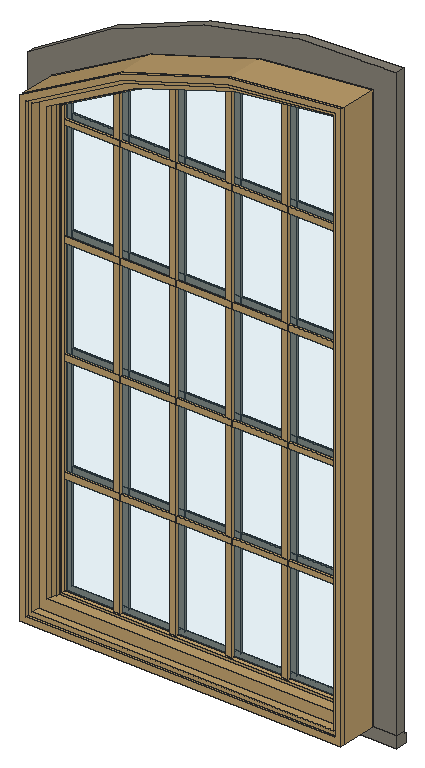
Revit family
Parameters (values of type "CUCART4072")
  Window Type = "Clad Ultimate Casement Round Top RT22"
  URL = "www.marvin.com"
  Subsill Height_2 = if(Subsill A217, 0' 1 11/32", 0' 0 9/16")  # 0' - 1 11/32"
  Subsill Height = if(Subsill A217 Visibility, 0' 1 11/32", if(Subsill A246 Visibility, 0' 0 9/16", 0' 0"))  # 0' - 1 11/32"
  Subsill A246 Visibility = and(Subsill Visibility, Subsill A246)  # no
  Subsill A217 Visibility = and(Subsill Visibility, Subsill A217)  # yes
  RO Radius Constraint = if(RO Radius > (Rough Width) + 0' 1", RO Radius, (Rough Width) + 0' 1")  # 6' - 0 1/2"
  RO Radius = 6' - 0 1/2"
  Plan Swing Angle [instance] = 15.00°
  Muntins Interior Visibility = yes
  Muntins Interior Material = Wood-Marvin-Pine
  Muntins Exterior Visibility = yes
  Muntins Exterior Material = Aluminum-Marvin-Bronze
  Mask Offset [instance] = if(Inset to Installation Flange = 0' 1 3/32", 0' 0 1/32", 0' 0")  # 0' - 0"
  Lites Wide = 5
  Lites High = 5
  Label Egress = if(and(Width > 2' 3 1/8", Height > 4' 5"), "EGRESS WDW", "")  # "EGRESS WDW"
  Interior Material = Wood-Marvin-Pine
  Frame = "Aluminum Clad"
  Flat Casing Visibility = and(Casing Visibility, Flat Casing)  # yes
  Egress Window = "Yes"
  Design Pressure = "DP50"
  Daylight Area = (DLO Height - DLO Arc Height) * DLO Width + DLO Segment Area  # 15.1233 SF
  DLO Arc Height = DLO Radius - sqrt((DLO Radius ^ 2) - ((DLO Width / 2) ^ 2))  # 0' - 2.14788"
  Cladding Material = Aluminum-Marvin-Bronze
  Casing Width_2 = if(BMC, 0' 1 5/16", 0' 3")  # 0' - 3"
  Casing Visibility = yes
  Subsill Visibility = yes
  BMC Visibility = and(Casing Visibility, BMC)  # no
  BMC = no
  Flat Casing = not(BMC)  # yes
  Subsill A246 = no
  Subsill A217 = not(Subsill A246)  # yes
  Plan Swing Visibility [instance] = yes
  Glazing Material = Glass-Marvin-IG Low E II with Argon
  Radius = RO Radius Constraint - 0' 0 1/2"  # 6' - 0"
  Nominal Width = 3' - 4"
  Nominal Height = 6' - 0"
  Model = "CUCART4072"
  Mask [instance] = Inset to Installation Flange > 0' 1 3/32"  # no
  Manufacturer = "Marvin Windows and Doors"
  Label Visibility = no
  Glass Type = "IG Low E II with Argon"
  Family created by = "www.rbuiltcomponents.com"
  Rough Width = Width + 0' 1"  # 3' - 5"
  Rough Height = Height + 0' 0 1/2"  # 5' - 11 5/8"
  Jamb Extension Visibility = yes
  Inset to Installation Flange [instance] = 0' - 1"
  Height = Nominal Height - 0' 0 7/8"  # 5' - 11 1/8"
  Elev Swing Visibility [instance] = yes
  Description = "4072 CSMT RT22"
  Default Head Height = 8' - 0"
  Wall Closure = (empty or 0)
  Width = Nominal Width  # 3' - 4"
  DLO Radius = Radius - 0' 2 29/32"  # 5' - 9 3/32"
  DLO Width = Width - 0' 5 13/16"  # 2' - 10 3/16"
  DLO Height = Height - 0' 5 13/16"  # 5' - 5 5/16"
  Casing Width = if(BMC Visibility, 0' 1 5/16", if(Flat Casing Visibility, 0' 3", 0' 0"))  # 0' - 3"
  Casing Radius = Radius + Casing Width  # 6' - 3"
  Assembly Code = ""
  DLO Segment Area = ((DLO Radius ^ 2) / 2 * ((3.1416 / 180) * Angle Sector2 - sin(Angle Sector)) / 2) - (DLO Arc Height * 0' 2 29/32")  # 0.127161 SF
  Arc Height = RO Radius Constraint - sqrt((RO Radius Constraint ^ 2) - (Rough Width ^ 2))  # 1' - 0.70661"
  Angle Sector2 = Angle Sector * 1 / 1.00°  # 28.6473
  Angle Sector = 2 * acos((DLO Radius - DLO Arc Height) / DLO Radius)  # 28.6473°
Reference planes (in)
  plane 1 "Center (Front/Back)": y = 0
  plane 2: z = 0
  plane 3 "Center (Left/Right)": x = -3
  plane 4 "Left": x = -23
  plane 5 "Right": x = 17
  plane 6 "Sill": z = 24.875
  plane 7 "Top": z = 96
  plane 8 "Inset": y = 2
  plane 9 "Glazing": y = 1.53125
  plane 10 "Jamb Ext Face": y = -2.5625
  plane 11: z = 83.79339
  plane 12: z = 60.4375
  plane 13: z = 96.5
  plane 14: x = 17.5
  plane 15: x = -23.5
  plane 16: y = -2.59375
Forms (in)
  Sweep 1, solid, material "Wood-Marvin-Pine" <- "Interior Material"
    path origin (0, 2, 0) x (1, 0, 0) y (0, 0, 1)
      loop
        line (-23, 83.5294) -> (-23, 24.875) -> (17, 24.875) -> (17, 95.99826)
        arc (17, 95.99826) -> (-3.92704, 92.73778) -> (-23, 83.5294) r 72
    profile "Profile_Ext_Clad_Frame : Profile_Ext_Clad_Frame" origin (-23, 2, 54.2022) x (1, 0, 0) y (0, -1, 0)
      loop
        line (0, 4.56199) -> (0, 0.0625) -> (0.0625, 0.0625) -> (0.0625, 0) -> (0, 0) -> (0, -1.09401) -> (0.52105, -1.09401) -> (0.6063, 0.125) -> (2.696, 0.125) -> (2.696, 0.22017) -> (2.90625, 0.43042) -> (2.90625, 0.47297) -> (2.208, 0.47297) -> (2.208, 1.50299) -> (2.90625, 1.50299) -> (2.90625, 1.66374) -> (2.677, 1.89299) -> (2.677, 2) -> (2.5005, 2) -> (2.5005, 2.34399) -> (2.313, 2.34399) -> (2.313, 2.87449) -> (2.1255, 2.87449) -> (2.1255, 3.53074) -> (1.188, 3.53074) -> (1.188, 4.56199) -> (0, 4.56199)
  Extrusion 2, solid, material "Glass-Marvin-IG Low E II with Argon" <- "Glazing Material"
    sketch origin (0, 1.53125, 0) x (1, 0, 0) y (0, 0, 1)
      loop
        line (14.792, 27.083) -> (14.792, 93.73944)
        arc (14.792, 93.73944) -> (-3.77636, 90.46984) -> (-20.792, 82.34934) r 69.792
        line (-20.792, 82.34934) -> (-20.792, 27.083) -> (14.792, 27.083)
    from 0 to 1.03424
  Extrusion 3, void
    sketch origin (0, 0, 0) x (1, 0, 0) y (0, 0, 1)
      loop
        line (17, 24.875) -> (17, 95.99826)
        arc (17, 95.99826) -> (-3.92704, 92.73778) -> (-23, 83.5294) r 72
        line (-23, 83.5294) -> (-23, 24.875) -> (17, 24.875)
    from -2 to 3
  Extrusion 4, void
    sketch origin (0, 0, 0) x (1, 0, 0) y (0, 0, 1)
      loop
        line (20, 23.53125) -> (20, 98.95832)
        arc (20, 98.95832) -> (-4.13999, 95.81024) -> (-26, 85.09624) r 75
        line (-26, 85.09624) -> (-26, 23.53125) -> (20, 23.53125)
    from -2 to -3.12756
  Sweep 5, solid, material "Aluminum-Marvin-Bronze" <- "Cladding Material", visible <- "BMC Visibility"
    path origin (0, 2, 0) x (1, 0, 0) y (0, 0, 1)
      loop
        line (17, 24.875) -> (17, 95.99826)
        arc (17, 95.99826) -> (-3.92704, 92.73778) -> (-23, 83.5294) r 72
        line (-23, 83.5294) -> (-23, 24.875)
    profile "BMC_Clad : BMC_Clad" origin (-23, 2, 54.2022) x (1, 0, 0) y (0, -1, 0)
      loop
        line (-0.71589, -1.25) -> (-0.38081, -1.09375) -> (0, -1.09375) -> (0, 0) -> (-1.3125, 0) -> (-1.3125, -1.25) -> (-0.71589, -1.25)
  Sweep 6, solid, material "Aluminum-Marvin-Bronze" <- "Cladding Material", visible <- "Flat Casing Visibility"
    path origin (0, 2, 0) x (1, 0, 0) y (0, 0, 1)
      loop
        line (-23, 24.875) -> (-23, 83.5294)
        arc (-23, 83.5294) -> (-3.92704, 92.73778) -> (17, 95.99826) r 72
        line (17, 95.99826) -> (17, 24.875)
    profile "Flat_Casing_Clad : Flat_Casing_Clad" origin (17, 2, 60.43663) x (1, 0, 0) y (0, -1, 0)
      loop
        line (3, -1.09375) -> (3, 0) -> (0, 0) -> (0, -1.09375) -> (3, -1.09375)
  Sweep 7, solid, material "Aluminum-Marvin-Bronze" <- "Cladding Material", visible <- "Subsill Visibility"
    path origin (0, 2, 0) x (1, 0, 0) y (0, 0, 1)
      loop
        line (20, 24.875) -> (-26, 24.875)
    profile origin (-3, 2, 24.875) x (0, 0, -1) y (0, -1, 0)
      loop
        line (0, 0) -> (0, -1.09401) -> (0.15265, -1.09401) -> (0.1875, -1.34375) -> (1.34375, -1.34375) -> (1.34375, 0) -> (0, 0)
  Extrusion 8, solid, material "Wood-Marvin-Pine" <- "Interior Material", visible <- "Jamb Extension Visibility"
    sketch origin (0, -2.5625, 0) x (1, 0, 0) y (0, 0, 1)
      loop
        line (-23, 24.875) -> (17, 24.875) -> (17, 95.99826)
        arc (17, 95.99826) -> (-3.92704, 92.73778) -> (-23, 83.5294) r 72
        line (-23, 83.5294) -> (-23, 24.875)
      loop
        arc (16.3125, 95.30788) -> (-3.87936, 92.03783) -> (-22.3125, 83.17084) r 71.31776
        line (-22.3125, 83.17084) -> (-22.3125, 25.5625) -> (16.3125, 25.5625) -> (16.3125, 95.30788)
    from 0.4375 to 0.03125
  Sweep 9, solid, material "Wood-Marvin-Pine" <- "Interior Material"
    path in 3D
      loop
        line (-20.8745, -1.53074, 27.0005) -> (14.8745, -1.53074, 27.0005)
    profile "Profile_Sill_Close : Profile_Sill_Close" origin (-3, -1.53074, 27.0005) x (0, 1, 0) y (0, 0, 1)
      loop
        line (0, 0) -> (0.65625, 0) -> (0.65625, 0.1875) -> (1.18675, 0.1875) -> (1.18675, 0.375) -> (0, 0.375) -> (0, 0)
Cuts and joins
  joined: Sweep 1, Sweep 9
Lines and regions (in)
  Masking region 1
    outline origin (0, 0, 24.875) x (0, -1, 0) y (1, 0, 0)
      loop
        line (-3.09401, -23) -> (2.5625, -23) -> (2.5625, 17) -> (-3.09401, 17) -> (-3.09401, -23)
  Masking region 2
    outline origin (-3, 0, 0) x (0, 1, 0) y (0, 0, 1)
      loop
        line (3.09375, 96) -> (-2.5625, 96) -> (-2.5625, 24.875) -> (3.09375, 24.875) -> (3.09375, 96)
  Masking region 3, visible <- "Mask"
    outline origin (0, 0, 24.875) x (0, -1, 0) y (1, 0, 0)
      loop
        line (-3.09401, -26) -> (-3, -26) -> (-3, 20) -> (-3.09401, 20) -> (-3.09401, -26)
  Masking region 4, visible <- "Mask"
    outline origin (-3, 0, 0) x (0, 1, 0) y (0, 0, 1)
      loop
        line (3.09375, 99) -> (3, 99) -> (3, 23.53125) -> (3.09375, 23.53125) -> (3.09375, 99)
  Masking region 5, visible <- "Casing Visibility"
    outline origin (0, 0, 24.875) x (0, -1, 0) y (1, 0, 0)
      loop
        line (-3.09401, -26) -> (-2, -26) -> (-2, -23) -> (-3.09401, -23) -> (-3.09401, -26)
      loop
        line (-3.09401, 17) -> (-2, 17) -> (-2, 20) -> (-3.09401, 20) -> (-3.09401, 17)
  Masking region 6, visible <- "Subsill Visibility"
    outline origin (-3, 0, 0) x (0, 1, 0) y (0, 0, 1)
      loop
        line (3.34375, 23.53125) -> (3.34375, 24.6875) -> (3.09401, 24.72235) -> (3.09401, 24.875) -> (2, 24.875) -> (2, 23.53125) -> (3.34375, 23.53125)
  Masking region 7, visible <- "Casing Visibility"
    outline origin (-3, 0, 0) x (0, 1, 0) y (0, 0, 1)
      loop
        line (3.09375, 99) -> (2, 99) -> (2, 96) -> (3.09375, 96) -> (3.09375, 99)
  Masking region 8
    outline origin (0, 0, 24.875) x (0, -1, 0) y (1, 0, 0)
      loop
        line (2.59375, -23) -> (3, -23) -> (3, 17) -> (2.59375, 17) -> (2.59375, -23)
  Masking region 9
    outline origin (-3, 0, 0) x (0, 1, 0) y (0, 0, 1)
      loop
        line (-2.59375, 96) -> (-3, 96) -> (-3, 24.875) -> (-2.59375, 24.875) -> (-2.59375, 96)
  symbolic lines, style "Jamb Extension", visible <- "Jamb Extension Visibility", detail levels fine
    curve 1: line (-3, -3, 95.3125) -> (-3, -2.59375, 95.3125)
    curve 2: line (-3, -3, 25.5625) -> (-3, -2.59375, 25.5625)
    curve 49: line (-22.3125, -2.59375, 24.875) -> (-22.3125, -3, 24.875)
    curve 50: line (16.3125, -3, 24.875) -> (16.3125, -2.59375, 24.875)
    curve 51: line (17, -3, 24.875) -> (16.3125, -3, 24.875)
    curve 52: line (-22.3125, -3, 24.875) -> (-23, -3, 24.875)
  symbolic lines, style "WindowsFrameMullionProjection", detail levels coarse+medium
    curve 3: line (17, -2.5625, 24.875) -> (15.812, -2.5625, 24.875)
    curve 4: line (15.812, -2.5625, 24.875) -> (15.812, 3.09401, 24.875)
    curve 5: line (15.812, 3.09401, 24.875) -> (17, 3.09401, 24.875)
    curve 6: line (15.812, 1.875, 24.875) -> (14.09375, 1.875, 24.875)
    curve 7: line (14.09375, 1.875, 24.875) -> (14.09375, 0, 24.875)
    curve 8: line (-21.812, 0, 24.875) -> (-20.09375, 0, 24.875)
    curve 9: line (-23, -2.5625, 24.875) -> (-21.812, -2.5625, 24.875)
    curve 10: line (-21.812, -2.5625, 24.875) -> (-21.812, 3.09401, 24.875)
    curve 11: line (-21.812, 3.09401, 24.875) -> (-23, 3.09401, 24.875)
    curve 12: line (-20.09375, 1.875, 24.875) -> (-20.09375, 0, 24.875)
    curve 13: line (-3, 3.09401, 96) -> (-3, 3.09401, 94.812)
    curve 14: line (-3, 3.09401, 94.812) -> (-3, -2.5625, 94.812)
    curve 15: line (-3, -2.5625, 94.812) -> (-3, -2.5625, 96)
    curve 16: line (-3, 1.875, 94.812) -> (-3, 1.875, 93.09375)
    curve 17: line (-3, 1.875, 93.09375) -> (-3, 0, 93.09375)
    curve 18: line (-3, 0, 26.063) -> (-3, 0, 27.78125)
    curve 19: line (-3, 3.09401, 24.875) -> (-3, 3.09401, 26.063)
    curve 20: line (-3, 3.09401, 26.063) -> (-3, -2.5625, 26.063)
    curve 21: line (-3, -2.5625, 26.063) -> (-3, -2.5625, 24.875)
    curve 22: line (-3, 1.875, 27.78125) -> (-3, 0, 27.78125)
    curve 23: line (14.09375, 1.875, 24.875) -> (-20.09375, 1.875, 24.875)
    curve 24: line (14.09375, 0, 24.875) -> (15.812, 0, 24.875)
    curve 25: line (-20.09375, 1.875, 24.875) -> (-21.812, 1.875, 24.875)
    curve 26: line (-3, 0, 27.78125) -> (-3, 0, 93.09375)
    curve 27: line (-3, 1.875, 27.78125) -> (-3, 1.875, 26.063)
    curve 28: line (-3, 0, 93.09375) -> (-3, 0, 94.812)
    curve 29: line (-3, 1.875, 93.09375) -> (-3, 1.875, 27.78125)
    curve 38: line (-20.09375, 0, 24.875) -> (14.09375, 0, 24.875)
    curve 73: line (-3, -3, 96) -> (-3, 3.09375, 96)
    curve 84: line (-23, 3.09375, 24.875) -> (-23, -3, 24.875)
    curve 90: line (17, 3.09375, 24.875) -> (17, -3, 24.875)
  symbolic lines, style "WindowsFrameMullionProjection"
    curve 30: line (-3, -2.5625, 26.063) -> (-3, -2.5625, 95.3125)
  symbolic lines, style "Jamb Extension", visible <- "Jamb Extension Visibility"
    curve 31: line (-3, -3, 25.5625) -> (-3, -3, 24.875)
    curve 32: line (-3, -3, 95.3125) -> (-3, -3, 96)
  symbolic lines, style "WindowsFrameMullionProjection", visible <- "Jamb Extension Visibility", detail levels coarse+medium
    curve 33: line (-3, -2.59375, 95.3125) -> (-3, -3, 95.3125)
    curve 34: line (-3, -3, 95.3125) -> (-3, -3, 96)
    curve 35: line (-3, -2.59375, 25.5625) -> (-3, -3, 25.5625)
    curve 36: line (-3, -3, 25.5625) -> (-3, -3, 24.875)
    curve 53: line (-22.3125, -2.59375, 24.875) -> (-22.3125, -3, 24.875)
    curve 54: line (-23, -3, 24.875) -> (-22.3125, -3, 24.875)
    curve 55: line (16.3125, -3, 24.875) -> (16.3125, -2.59375, 24.875)
    curve 56: line (16.3125, -3, 24.875) -> (17, -3, 24.875)
  symbolic lines, style "WindowsGlassProjection", detail levels coarse+medium
    curve 37: line (-20.09375, 0.9375, 24.875) -> (14.09375, 0.9375, 24.875)
    curve 69: line (-3, 0.9375, 27.78125) -> (-3, 0.9375, 93.09375)
  symbolic lines, style "Jamb Extension", visible <- "BMC Visibility", detail levels fine
    curve 39: line (-24.3125, 3.25, 24.875) -> (-23.71589, 3.25, 24.875)
    curve 40: line (-23.71589, 3.25, 24.875) -> (-23.38081, 3.09375, 24.875)
    curve 41: line (-24.3125, 3.09401, 24.875) -> (-24.3125, 3.25, 24.875)
    curve 42: line (17.71589, 3.25, 24.875) -> (18.3125, 3.25, 24.875)
    curve 43: line (17.38081, 3.09375, 24.875) -> (17.71589, 3.25, 24.875)
    curve 44: line (18.3125, 3.25, 24.875) -> (18.3125, 3.09401, 24.875)
    curve 45: line (-23.38081, 3.09375, 24.875) -> (-23, 3.09375, 24.875)
    curve 46: line (17.38081, 3.09375, 24.875) -> (17, 3.09375, 24.875)
    curve 75: line (-3, 3.25, 96.65144) -> (-3, 3.25, 99)
    curve 76: line (-3, 3.09375, 96) -> (-3, 3.09375, 96.38081)
    curve 77: line (-3, 3.09375, 96.38081) -> (-3, 3.25, 96.65144)
    curve 78: line (-3, 3.25, 99) -> (-3, 3.09375, 99)
  symbolic lines, style "Jamb Extension", visible <- "Flat Casing Visibility", detail levels fine
    curve 47: line (-23, 3.09401, 24.875) -> (-26, 3.09401, 24.875)
    curve 48: line (20, 3.09401, 24.875) -> (17, 3.09401, 24.875)
    curve 82: line (-3, 3.09375, 96) -> (-3, 3.09375, 99)
    curve 83: line (-3, 3.09375, 99) -> (-3, 2, 99)
  symbolic lines, style "WindowsFrameMullionProjection", visible <- "BMC Visibility", detail levels coarse+medium
    curve 57: line (-24.3125, 2, 24.875) -> (-24.3125, 3.25, 24.875)
    curve 58: line (-24.3125, 3.25, 24.875) -> (-23.71589, 3.25, 24.875)
    curve 59: line (-23.71589, 3.25, 24.875) -> (-23.38081, 3.09375, 24.875)
    curve 60: line (-23.38081, 3.09375, 24.875) -> (-23, 3.09375, 24.875)
    curve 61: line (18.3125, 3.25, 24.875) -> (18.3125, 2, 24.875)
    curve 62: line (17.38081, 3.09375, 24.875) -> (17.71589, 3.25, 24.875)
    curve 63: line (17.71589, 3.25, 24.875) -> (18.3125, 3.25, 24.875)
    curve 64: line (17, 3.09375, 24.875) -> (17.38081, 3.09375, 24.875)
    curve 70: line (-3, 3.25, 96.65144) -> (-3, 3.25, 99)
    curve 71: line (-3, 3.09375, 96) -> (-3, 3.09375, 96.38081)
    curve 72: line (-3, 3.09375, 96.38081) -> (-3, 3.25, 96.65144)
    curve 74: line (-3, 3.25, 99) -> (-3, 2, 99)
  symbolic lines, style "WindowsFrameMullionProjection", visible <- "Flat Casing Visibility", detail levels coarse+medium
    curve 65: line (20, 3.09401, 24.875) -> (17, 3.09401, 24.875)
    curve 66: line (20, 3.09401, 24.875) -> (20, 2, 24.875)
    curve 67: line (-26, 2, 24.875) -> (-26, 3.09401, 24.875)
    curve 68: line (-23, 3.09401, 24.875) -> (-26, 3.09401, 24.875)
    curve 80: line (-3, 3.09375, 96) -> (-3, 3.09375, 99)
    curve 81: line (-3, 3.09375, 99) -> (-3, 2, 99)
  symbolic lines, style "WindowsFrameMullionProjection", visible <- "Casing Visibility", detail levels coarse+medium
    curve 79: line (-3, 2, 99) -> (-3, 2, 96)
  symbolic lines, style "WindowsFrameMullionProjection", visible <- "Subsill Visibility", detail levels coarse+medium
    curve 85: line (-3, 3.09401, 24.72235) -> (-3, 3.09401, 24.875)
    curve 86: line (-3, 3.34375, 24.6875) -> (-3, 3.09401, 24.72235)
    curve 87: line (-3, 3.34375, 23.53125) -> (-3, 3.34375, 24.6875)
    curve 88: line (-3, 2, 23.53125) -> (-3, 3.34375, 23.53125)
  sketch lines
    curve 89: line (-20.8745, -1.53074, 27.0005) -> (14.8745, -1.53074, 27.0005)
  reference lines
    curve 91: arc (-23.5, 2, 83.79339) -> (-3.96193, 2, 93.25053) -> (17.5, 2, 96.5) r 72.5
    curve 92: arc (-23.36657, 2, 83.27835) -> (-3.90045, 2, 92.74606) -> (17.5, 2, 96) r 72
    curve 93: arc (17.5, 2, 99) -> (-4.79214, 2, 95.61048) -> (-25.06935, 2, 85.74828) r 75
  symbolic lines, style "Elevation Swing", visible <- "Elev Swing Visibility"
    curve 94: line (-22.3937, 0, 60.4375) -> (16.3937, 0, 25.4813)
    curve 95: line (-22.3937, 0, 60.4375) -> (16.3937, 0, 95.38513)
Text (in)
  text "EXTERIOR" at (-58.6888, 50.90694, 0), in view "Ref. Level"
  text "INTERIOR" at (-58.6888, -37.76638, 0), in view "Ref. Level"
  text "Exterior" at (0, 43.65631, 123.19604), in view "Left"
  text "Exterior" at (0, 18.29385, 125.04747), in view "Right"
Dimensions and locks (in)
  equal spacing: plane 4 "Left", plane 3 "Center (Left/Right)", plane 5 "Right"
  "Width": plane 4 "Left" to plane 5 "Right"
  "Height": plane 6 "Sill" to plane 7 "Top"
  "Inset to Installation Flange": host wall to plane 8 "Inset"
  locked: plane 9 "Glazing" to plane 8 "Inset" at 0.46875
  locked: plane 10 "Jamb Ext Face" to plane 8 "Inset" at 4.5625
  "Default Head Height": plane 2 to plane 7 "Top"
  locked: nested 2 to host wall at 12.00106
  locked: plane 9 "Glazing" to Extrusion 2 at 1.03424
  locked: curve 33 to plane 7 "Top" at 0.6875
  locked: plane 6 "Sill" to curve 35 at 0.6875
  equal spacing: plane 6 "Sill", plane 12, plane 7 "Top"
  "Subsill Height": Extrusion 4 sketch curve to plane 6 "Sill"
  "Casing Width": Extrusion 4 sketch curve to plane 4 "Left"
  "Casing Width": plane 5 "Right" to Sweep 7 sketch curve
  "Casing Width": Sweep 7 sketch curve to plane 4 "Left"
  locked: Sweep 7 sketch curve to Sweep 7 sketch curve at 1.34375
  "Subsill Height_2": Sweep 7 sketch curve to plane 6 "Sill"
  locked: plane 4 "Left" to Extrusion 8 sketch curve at 0.6875
  locked: Extrusion 8 sketch curve to plane 5 "Right" at 0.6875
  locked: Extrusion 8 sketch curve to plane 6 "Sill" at 0.6875
  "Casing Width": Masking region 3 sketch curve to plane 4 "Left"
  "Casing Width": plane 5 "Right" to Masking region 3 sketch curve
  "Casing Width_2": Masking region 5 sketch curve to plane 4 "Left"
  "Casing Width_2": plane 5 "Right" to Masking region 5 sketch curve
  locked: Extrusion 4 to host wall at 0.12756
  "Subsill Height": Masking region 4 sketch curve to plane 6 "Sill"
  "Casing Width": plane 7 "Top" to Masking region 4 sketch curve
  "Casing Width_2": plane 7 "Top" to Masking region 7 sketch curve
  locked: plane 7 "Top" to plane 13 at 0.5
  "Arc Height": plane 11 to plane 13
  locked: plane 5 "Right" to plane 14 at 0.5
  locked: plane 15 to plane 4 "Left" at 0.5
  "Casing Width": plane 5 "Right" to Extrusion 4 sketch curve
  plane 6 "Sill" to plane 11 = 4' - 10.91839"
  locked: Extrusion 8 sketch curve to plane 7 "Top" at 0.69212
  locked: plane 9 "Glazing" to nested 5 at 1.03125
  locked: plane 16 to plane 10 "Jamb Ext Face" at 0.03125
  "Mask Offset": Masking region 3 sketch curve to host wall
  "Mask Offset": Masking region 4 sketch curve to host wall
  "Casing Radius": radius of curve 93
  "RO Radius Constraint": radius of curve 91
  "Radius": radius of curve 92
  aligned and locked: nested 1 to plane 3 "Center (Left/Right)"
  aligned and locked: plane 8 "Inset" to nested 1
  aligned and locked: Sweep 1 sketch curve to plane 6 "Sill"
  aligned and locked: plane 5 "Right" to Sweep 1 sketch curve
  aligned and locked: plane 5 "Right" to Masking region 1 sketch curve
  aligned and locked: Masking region 1 sketch curve to plane 4 "Left"
  aligned and locked: plane 7 "Top" to Masking region 2 sketch curve
  aligned and locked: Masking region 2 sketch curve to plane 6 "Sill"
  aligned and locked: plane 3 "Center (Left/Right)" to nested 2
  aligned and locked: curve 21 to plane 10 "Jamb Ext Face"
  aligned and locked: curve 20 to curve 30
  aligned and locked: plane 6 "Sill" to curve 31
  aligned and locked: curve 31 to host wall
  aligned and locked: host wall to curve 34
  aligned and locked: plane 6 "Sill" to curve 36
  aligned and locked: Extrusion 2 to plane 9 "Glazing"
  aligned and locked: plane 9 "Glazing" to Extrusion 2
  aligned and locked: nested 3 to plane 6 "Sill"
  aligned and locked: curve 14 to nested 3
  aligned and locked: curve 13 to nested 3
  aligned and locked: curve 16 to nested 3
  aligned and locked: curve 28 to nested 3
  aligned and locked: curve 17 to nested 3
  aligned and locked: curve 19 to nested 3
  aligned and locked: curve 20 to nested 3
  aligned and locked: curve 22 to nested 3
  aligned and locked: curve 27 to nested 3
  aligned and locked: nested 3 to curve 18
  aligned and locked: Sweep 1 to Extrusion 2 sketch curve
  aligned and locked: Extrusion 2 sketch curve to Sweep 1
  aligned and locked: Extrusion 3 to plane 8 "Inset"
  aligned and locked: host wall to Extrusion 3
  aligned and locked: Extrusion 3 sketch curve to plane 6 "Sill"
  aligned and locked: Extrusion 3 sketch curve to plane 4 "Left"
  aligned and locked: Sweep 5 sketch curve to plane 4 "Left"
  aligned and locked: plane 6 "Sill" to Sweep 5 sketch curve  (x2)
  aligned and locked: plane 6 "Sill" to Sweep 6 sketch curve  (x2)
  aligned and locked: Sweep 6 sketch curve to plane 4 "Left"
  aligned and locked: plane 6 "Sill" to Sweep 7 sketch curve  (x2)
  aligned and locked: Sweep 7 sketch curve to plane 8 "Inset"
  aligned and locked: Extrusion 8 sketch curve to plane 6 "Sill"
  aligned and locked: plane 5 "Right" to Extrusion 8 sketch curve
  aligned and locked: host wall to Extrusion 8
  aligned and locked: Masking region 3 sketch curve to Sweep 1
  aligned and locked: Masking region 1 sketch curve to Sweep 1
  aligned and locked: plane 4 "Left" to Masking region 5 sketch curve
  aligned and locked: Masking region 5 sketch curve to Sweep 1  (x2)
  aligned and locked: Masking region 5 sketch curve to plane 8 "Inset"  (x2)
  aligned and locked: Masking region 5 sketch curve to plane 5 "Right"
  aligned and locked: curve 7 to curve 37
  aligned and locked: curve 12 to curve 38
  aligned and locked: curve 8 to curve 38
  aligned and locked: curve 39 to Sweep 5
  aligned and locked: curve 40 to Sweep 5
  aligned and locked: Sweep 5 to curve 41
  aligned and locked: Sweep 1 to curve 41
  aligned and locked: curve 44 to Sweep 1
  aligned and locked: curve 46 to Sweep 5
  aligned and locked: plane 5 "Right" to curve 46
  aligned and locked: curve 47 to Masking region 5
  aligned and locked: plane 8 "Inset" to Extrusion 4
  aligned and locked: curve 49 to Extrusion 8
  aligned and locked: curve 53 to Extrusion 8
  aligned and locked: curve 55 to Extrusion 8
  aligned and locked: curve 57 to Sweep 5
  aligned and locked: curve 60 to Sweep 5
  aligned and locked: curve 65 to Masking region 5
  aligned and locked: curve 66 to Sweep 6
  aligned and locked: curve 67 to Sweep 6
  aligned and locked: Masking region 2 sketch curve to Sweep 6
  aligned and locked: nested 3 to plane 8 "Inset"
  aligned and locked: Masking region 4 sketch curve to Sweep 6
  aligned and locked: Masking region 6 sketch curve to Sweep 7  (x6)
  aligned and locked: Masking region 7 sketch curve to plane 7 "Top"
  aligned and locked: Masking region 7 sketch curve to plane 8 "Inset"
  aligned and locked: Sweep 6 to Masking region 7 sketch curve
  aligned and locked: Sweep 5 to curve 71
  aligned and locked: curve 73 to nested 3
  aligned and locked: curve 74 to Masking region 7
  aligned and locked: Sweep 5 to curve 75
  aligned and locked: curve 79 to Sweep 5
  aligned and locked: curve 83 to Masking region 7
  aligned and locked: curve 84 to Sweep 6
  aligned and locked: curve 85 to Sweep 7
  aligned and locked: curve 86 to Sweep 7
  aligned and locked: curve 87 to Sweep 7
  aligned and locked: curve 88 to Sweep 7
  aligned and locked: Sweep 1 sketch curve to plane 4 "Left"
  aligned and locked: plane 5 "Right" to Sweep 5 sketch curve
  aligned and locked: Sweep 6 sketch curve to plane 5 "Right"
  aligned and locked: plane 5 "Right" to Extrusion 3 sketch curve
  aligned and locked: cut or joined group of Sweep 1, Sweep 9 to Extrusion 2 sketch curve
  aligned and locked: plane 4 "Left" to Extrusion 8 sketch curve
  aligned and locked: plane 5 "Right" to curve 90
  aligned and locked: Extrusion 2 sketch curve to cut or joined group of Sweep 1, Sweep 9
  aligned and locked: curve 8 to cut or joined group of Sweep 1, Sweep 9
  aligned and locked: cut or joined group of Sweep 1, Sweep 9 to curve 24
  aligned and locked: plane 14 to curve 93  (x2)
  aligned and locked: plane 14 to curve 92  (x2)
  aligned and locked: plane 14 to curve 91  (x2)
  aligned and locked: plane 7 "Top" to curve 92
  aligned and locked: plane 13 to curve 91
  aligned and locked: plane 15 to curve 91
  aligned and locked: Sweep 1 sketch curve to curve 92
  aligned and locked: Extrusion 8 sketch curve to curve 92
  aligned and locked: Sweep 6 sketch curve to Extrusion 8
  aligned and locked: Sweep 5 sketch curve to Sweep 6
  aligned and locked: Extrusion 3 sketch curve to Sweep 6
  aligned and locked: Extrusion 4 sketch curve to curve 93
  aligned and locked: curve 94 to cut or joined group of Sweep 1, Sweep 9
  aligned and locked: cut or joined group of Sweep 1, Sweep 9 to curve 94
  aligned and locked: cut or joined group of Sweep 1, Sweep 9 to curve 95  (x2)
  aligned and locked: plane 12 to curve 95
  aligned and locked: host wall to curve 84
  aligned and locked: host wall to curve 90
  aligned and locked: nested 4 to plane 3 "Center (Left/Right)"
  aligned and locked: nested 4 to plane 12
  aligned and locked: plane 3 "Center (Left/Right)" to nested 5
  aligned and locked: plane 12 to nested 5
  aligned and locked: nested 4 to plane 9 "Glazing"
  aligned and locked: Extrusion 8 to curve 53
  aligned and locked: Extrusion 8 to curve 49
  aligned and locked: Extrusion 8 to curve 55
  aligned and locked: Extrusion 8 to curve 50
  aligned and locked: Masking region 1 sketch curve to plane 10 "Jamb Ext Face"
  aligned and locked: Masking region 8 sketch curve to plane 4 "Left"
  aligned and locked: plane 5 "Right" to Masking region 8 sketch curve
  aligned and locked: plane 16 to Masking region 8 sketch curve
  aligned and locked: Masking region 8 sketch curve to host wall
  aligned and locked: Extrusion 8 to curve 35
  aligned and locked: Extrusion 8 to curve 2
  aligned and locked: Extrusion 8 to curve 33
  aligned and locked: Extrusion 8 to curve 1
  aligned and locked: Extrusion 8 to plane 16
  aligned and locked: Masking region 2 sketch curve to plane 10 "Jamb Ext Face"
  aligned and locked: plane 7 "Top" to Masking region 9 sketch curve
  aligned and locked: Masking region 9 sketch curve to plane 6 "Sill"
  aligned and locked: plane 16 to Masking region 9 sketch curve
  aligned and locked: Masking region 9 sketch curve to host wall
Automatic sketch dimensions
  Sweep 7 sketch curve to Sweep 7 sketch curve = 0' - 0.15265"
  Sweep 7 sketch curve to Sweep 7 sketch curve = 0' - 0.03485"
  Sweep 7 sketch curve to Sweep 7 sketch curve = 0' - 0.24974"
  curve 91 to curve 93 = 0' - 0"
  plane 15 to curve 93 = 0' - 1.56935"
  curve 92 to plane 15 = 0' - 0.13343"
  Extrusion 8 sketch curve to Extrusion 8 sketch curve = 0' - 0"  (x2)
  plane 7 "Top" to curve 95 = 0' - 0.61487"
  curve 61 to plane 8 "Inset" = 0' - 0"
  curve 67 to plane 8 "Inset" = 0' - 0"
  curve 57 to plane 8 "Inset" = 0' - 0"
  curve 66 to plane 8 "Inset" = 0' - 0"
  curve 9 to plane 10 "Jamb Ext Face" = 0' - 0"
  curve 4 to plane 10 "Jamb Ext Face" = 0' - 0"
  curve 11 to plane 4 "Left" = 0' - 0"
  curve 5 to plane 5 "Right" = 0' - 0"
  curve 61 to curve 44 = 0' - 0.15599"
  plane 8 "Inset" to curve 25 = 0' - 0 1/8"
  plane 9 "Glazing" to curve 37 = 0' - 0 19/32"
  curve 49 to curve 9 = 0' - 0.5005"
  curve 25 to curve 12 = 0' - 1.71825"
  plane 5 "Right" to curve 38 = 0' - 2 29/32"
  curve 4 to curve 5 = 0' - 1.188"
  plane 14 to curve 64 = 0' - 0.11919"
  curve 63 to plane 14 = 0' - 0.21589"
  curve 42 to curve 61 = 0' - 0.59661"
  curve 14 to plane 10 "Jamb Ext Face" = 0' - 0"
  curve 88 to plane 8 "Inset" = 0' - 0"
  curve 21 to plane 6 "Sill" = 0' - 0"
  curve 85 to plane 6 "Sill" = 0' - 0"
  curve 13 to plane 7 "Top" = 0' - 0"
  curve 79 to plane 7 "Top" = 0' - 0"
  plane 9 "Glazing" to curve 69 = 0' - 0 19/32"
  curve 30 to curve 1 = 0' - 0"
  plane 13 to curve 72 = 0' - 0.11919"
  curve 70 to plane 13 = 0' - 0.15144"
Nested families (in)
  nested 1: "Roundtop_Plan_Detail" at (-3, 2, 24.875) x (-1, 0, 0) z (0, 0, -1), type "Roundtop_Plan_Detail"
    with Width 3' - 4", Plan Swing Length 3' - 1 5/8", Plan Swing LH no
  nested 2: "Label Annotation 1-16 w" at (-3, 15.00106, 0), visible <- "Label Visibility", type "Label Annotation 1-16 w"
  nested 3: "Roundtop_Section_Detail" at (-3, 2, 24.875) x (0, -1, 0) z (1, 0, 0), type "Roundtop_Section_Detail", detail levels fine
    with Height 5' - 11 1/8"
  nested 4: "Muntins" at (-3, 1.53125, -8.21875) x (-1, 0, 0) z (0, 0, 1), Muntin Material <- "Muntins Exterior Material", visible <- "Muntins Exterior Visibility", type "Muntins"
    with Muntin Material Aluminum-Marvin-Bronze, Arc Height 1' - 0.70661"
  nested 5: "Muntins" at (-3, 0.5, -8.21875) x (-1, 0, 0) z (0, 0, 1), Muntin Material <- "Muntins Interior Material", visible <- "Muntins Interior Visibility", type "Muntins"
    with Muntin Material Wood-Marvin-Pine, Arc Height 1' - 0.70661"
Definition of nested family "Muntins"
  Parameters (values of type "Muntins")
    Radius Offset = RO Radius - 0' 3 3/16"  # 5' - 9 5/16"
    RO Radius = 6' - 0 1/2"
    GlazingWidth = 2' - 10 3/16"
    GlazingHeight = 5' - 5 5/16"
    Width = GlazingWidth + 0' 0 11/16"  # 2' - 10 7/8"
    VerticalMuntins = if(LitesHorizontal < 3, 2, LitesHorizontal - 1)  # 4
    VertMuntVisible = LitesHorizontal > 2  # yes
    MuntinWidth = 0' - 0 3/4"
    MuntinDepth = 0' - 0 1/4"
    Muntin Material [instance] = none
    LitesVertical = 5
    LitesHorizontal = 5
    HorizontalMuntins = if(LitesVertical < 3, 2, LitesVertical - 1)  # 4
    HorizMuntVisible = LitesVertical > 2  # yes
    Height = GlazingHeight + 0' 0 7/16"  # 5' - 5 3/4"
    Inset Vert = if(LitesHorizontal < 3, (Width / 3) - (MuntinWidth / 2), (Width / LitesHorizontal) - (MuntinWidth / 2))  # 0' - 6.6"
    Inset Horiz = if(LitesVertical < 3, (Height / 3) - (MuntinWidth / 2), (Height / LitesVertical) - (MuntinWidth / 2))  # 1' - 0.775"
    CenterMuntinVertical = LitesHorizontal = 2  # no
    CenterMuntinHorizontal = LitesVertical = 2  # no
    Assembly Code = ""
    Arc Height = 1' - 0 181/256"
  Reference planes (in)
    plane 1 "Center (Front/Back)": y = 0
    plane 2: z = 0
    plane 3 "Center (Left/Right)": x = 0
    plane 4: z = 35.78125
    plane 5: z = 68.65625
    plane 6: z = 101.53125
    plane 7: z = 88.75625
    plane 8: z = 48.55625
    plane 9: z = 101.3125
    plane 10: z = 36
    plane 11: x = -17.09375
    plane 12: x = 17.09375
    plane 13: x = -10.8375
    plane 14: x = -17.4375
    plane 15: x = 17.4375
    plane 16: x = 10.8375
    plane 17: z = 33.09375
    plane 18: z = 104.71875
    plane 19: z = 92.01172
    plane 20: x = -20.5
    plane 21: x = 20.5
  Forms (in)
    Extrusion 1, solid, material <- "Muntin Material", visible <- "CenterMuntinVertical", detail levels medium+fine
      sketch origin (9, 0, 0) x (1, 0, 0) y (0, 0, 1)
        loop
          line (-9.375, 101.53125) -> (-9.375, 35.78125) -> (-8.625, 35.78125) -> (-8.625, 101.53125) -> (-9.375, 101.53125)
      from 0 to 0.25 <- "MuntinDepth"
    Extrusion 2, solid, material <- "Muntin Material", visible <- "CenterMuntinHorizontal", detail levels medium+fine
      sketch origin (-0.0013, 0, 14.6875) x (1, 0, 0) y (0, 0, 1)
        loop
          line (-17.4362, 54.34375) -> (-17.4362, 53.59375) -> (17.4388, 53.59375) -> (17.4388, 54.34375) -> (-17.4362, 54.34375)
      from 0 to 0.25 <- "MuntinDepth"
    Extrusion 3, solid, material <- "Muntin Material", visible <- "VertMuntVisible", detail levels medium+fine
      sketch origin (-0.44762, 0, -2.90625) x (1, 0, 0) y (0, 0, 1)
        loop
          line (-10.38988, 104.4375) -> (-10.38988, 38.6875) -> (-9.63988, 38.6875) -> (-9.63988, 104.4375) -> (-10.38988, 104.4375)
      from 0 to 0.25 <- "MuntinDepth"
    Extrusion 4, solid, material <- "Muntin Material", visible <- "HorizMuntVisible", detail levels medium+fine
      sketch origin (2.1224, 0, 2.65893) x (1, 0, 0) y (0, 0, 1)
        loop
          line (-19.5599, 46.64732) -> (-19.5599, 45.89732) -> (15.3151, 45.89732) -> (15.3151, 46.64732) -> (-19.5599, 46.64732)
      from 0 to 0.25 <- "MuntinDepth"
    Extrusion 5, void
      sketch origin (0, 0, 0) x (1, 0, 0) y (0, 0, 1)
        loop
          line (17.3125, 33.09375) -> (20.5, 33.09375) -> (20.5, 104.71875) -> (-20.5, 104.71875) -> (-20.5, 101.53125)
          arc (-20.5, 101.53125) -> (-0.77862, 98.6664) -> (17.3125, 90.30866) r 69.3125
          line (17.3125, 90.30866) -> (17.3125, 33.09375)
      from -1 to 1
    Extrusion 6, solid, material <- "Muntin Material", visible <- "CenterMuntinVertical", detail levels coarse
      sketch origin (9, 0, 0) x (1, 0, 0) y (0, 0, 1)
        loop
          line (-9.03125, 101.53125) -> (-9.03125, 35.78125) -> (-8.96875, 35.78125) -> (-8.96875, 101.53125) -> (-9.03125, 101.53125)
      from 0 to 0.0625
    Extrusion 7, solid, material <- "Muntin Material", visible <- "VertMuntVisible", detail levels coarse
      sketch origin (-0.46324, 0, 0) x (1, 0, 0) y (0, 0, 1)
        loop
          line (-10.01488, 101.53125) -> (-10.01488, 35.78125) -> (-9.98363, 35.78125) -> (-9.98363, 101.53125) -> (-10.01488, 101.53125)
      from 0 to 0.0625
    Extrusion 8, solid, material <- "Muntin Material", visible <- "CenterMuntinHorizontal", detail levels coarse
      sketch origin (-0.0013, 0, 14.6875) x (1, 0, 0) y (0, 0, 1)
        loop
          line (-17.4362, 54) -> (-17.4362, 53.9375) -> (17.4388, 53.9375) -> (17.4388, 54) -> (-17.4362, 54)
      from 0 to 0.0625
    Extrusion 9, solid, material <- "Muntin Material", visible <- "HorizMuntVisible", detail levels coarse
      sketch origin (-3.8763, 0, 0.0183) x (1, 0, 0) y (0, 0, 1)
        loop
          line (-13.5612, 48.95982) -> (-13.5612, 48.89732) -> (21.3138, 48.89732) -> (21.3138, 48.95982) -> (-13.5612, 48.95982)
      from 0 to 0.0625
    Extrusion 10, solid, material <- "Muntin Material", visible <- "VertMuntVisible", detail levels medium+fine
      sketch origin (20.47738, 0, -2.90625) x (1, 0, 0) y (0, 0, 1)
        loop
          line (-10.38988, 104.4375) -> (-10.38988, 38.6875) -> (-9.63988, 38.6875) -> (-9.63988, 104.4375) -> (-10.38988, 104.4375)
      from 0 to 0.25 <- "MuntinDepth"
    Extrusion 11, solid, material <- "Muntin Material", visible <- "VertMuntVisible", detail levels coarse
      sketch origin (20.46176, 0, 0) x (1, 0, 0) y (0, 0, 1)
        loop
          line (-10.01488, 101.53125) -> (-10.01488, 35.78125) -> (-9.98363, 35.78125) -> (-9.98363, 101.53125) -> (-10.01488, 101.53125)
      from 0 to 0.0625
    Extrusion 12, solid, material <- "Muntin Material", visible <- "VertMuntVisible", detail levels medium+fine
      sketch origin (6.52738, 0, -2.90625) x (1, 0, 0) y (0, 0, 1)
        loop
          line (-10.38988, 104.4375) -> (-10.38988, 38.6875) -> (-9.63988, 38.6875) -> (-9.63988, 104.4375) -> (-10.38988, 104.4375)
      from 0 to 0.25 <- "MuntinDepth"
    Extrusion 13, solid, material <- "Muntin Material", visible <- "VertMuntVisible", detail levels coarse
      sketch origin (6.51176, 0, 0) x (1, 0, 0) y (0, 0, 1)
        loop
          line (-10.01488, 101.53125) -> (-10.01488, 35.78125) -> (-9.98363, 35.78125) -> (-9.98363, 101.53125) -> (-10.01488, 101.53125)
      from 0 to 0.0625
    Extrusion 14, solid, material <- "Muntin Material", visible <- "HorizMuntVisible", detail levels medium+fine
      sketch origin (2.1224, 0, 42.10893) x (1, 0, 0) y (0, 0, 1)
        loop
          line (-19.5599, 46.64732) -> (-19.5599, 45.89732) -> (15.3151, 45.89732) -> (15.3151, 46.64732) -> (-19.5599, 46.64732)
      from 0 to 0.25 <- "MuntinDepth"
    Extrusion 15, solid, material <- "Muntin Material", visible <- "HorizMuntVisible", detail levels coarse
      sketch origin (-3.8763, 0, 39.4683) x (1, 0, 0) y (0, 0, 1)
        loop
          line (-13.5612, 48.95982) -> (-13.5612, 48.89732) -> (21.3138, 48.89732) -> (21.3138, 48.95982) -> (-13.5612, 48.95982)
      from 0 to 0.0625
    Extrusion 16, solid, material <- "Muntin Material", visible <- "HorizMuntVisible", detail levels medium+fine
      sketch origin (2.1224, 0, 15.80893) x (1, 0, 0) y (0, 0, 1)
        loop
          line (-19.5599, 46.64732) -> (-19.5599, 45.89732) -> (15.3151, 45.89732) -> (15.3151, 46.64732) -> (-19.5599, 46.64732)
      from 0 to 0.25 <- "MuntinDepth"
    Extrusion 17, solid, material <- "Muntin Material", visible <- "HorizMuntVisible", detail levels coarse
      sketch origin (-3.8763, 0, 13.1683) x (1, 0, 0) y (0, 0, 1)
        loop
          line (-13.5612, 48.95982) -> (-13.5612, 48.89732) -> (21.3138, 48.89732) -> (21.3138, 48.95982) -> (-13.5612, 48.95982)
      from 0 to 0.0625
    Extrusion 18, solid, material <- "Muntin Material", visible <- "HorizMuntVisible", detail levels medium+fine
      sketch origin (2.1224, 0, 28.95893) x (1, 0, 0) y (0, 0, 1)
        loop
          line (-19.5599, 46.64732) -> (-19.5599, 45.89732) -> (15.3151, 45.89732) -> (15.3151, 46.64732) -> (-19.5599, 46.64732)
      from 0 to 0.25 <- "MuntinDepth"
    Extrusion 19, solid, material <- "Muntin Material", visible <- "HorizMuntVisible", detail levels coarse
      sketch origin (-3.8763, 0, 26.3183) x (1, 0, 0) y (0, 0, 1)
        loop
          line (-13.5612, 48.95982) -> (-13.5612, 48.89732) -> (21.3138, 48.89732) -> (21.3138, 48.95982) -> (-13.5612, 48.95982)
      from 0 to 0.0625
    Extrusion 20, solid, material <- "Muntin Material", visible <- "VertMuntVisible", detail levels medium+fine
      sketch origin (13.50238, 0, -2.90625) x (1, 0, 0) y (0, 0, 1)
        loop
          line (-10.38988, 104.4375) -> (-10.38988, 38.6875) -> (-9.63988, 38.6875) -> (-9.63988, 104.4375) -> (-10.38988, 104.4375)
      from 0 to 0.25 <- "MuntinDepth"
    Extrusion 21, solid, material <- "Muntin Material", visible <- "VertMuntVisible", detail levels coarse
      sketch origin (13.48676, 0, 0) x (1, 0, 0) y (0, 0, 1)
        loop
          line (-10.01488, 101.53125) -> (-10.01488, 35.78125) -> (-9.98363, 35.78125) -> (-9.98363, 101.53125) -> (-10.01488, 101.53125)
      from 0 to 0.0625
  Cuts and joins
    Extrusion 5 cuts Extrusion 3
    Extrusion 5 cuts Extrusion 7
    Extrusion 5 cuts Extrusion 10
    Extrusion 5 cuts Extrusion 11
    Extrusion 5 cuts Extrusion 12
    Extrusion 5 cuts Extrusion 13
    Extrusion 5 cuts Extrusion 1
    Extrusion 5 cuts Extrusion 6
    Extrusion 5 cuts Extrusion 20
    Extrusion 5 cuts Extrusion 21
    Extrusion 5 cuts Extrusion 14
    Extrusion 5 cuts Extrusion 15
    Extrusion 5 cuts Extrusion 18
    Extrusion 5 cuts Extrusion 19
    Extrusion 5 cuts Extrusion 16
    Extrusion 5 cuts Extrusion 17
    Extrusion 5 cuts Extrusion 2
    Extrusion 5 cuts Extrusion 8
    Extrusion 5 cuts Extrusion 4
    Extrusion 5 cuts Extrusion 9
  Lines and regions (in)
    reference lines
      curve 1: arc (20.5, 0, 92.01172) -> (0.96193, 0, 101.46885) -> (-20.5, 0, 104.71832) r 72.5
      curve 2: arc (-20.5, 0, 101.53125) -> (-0.01406, 0, 98.43468) -> (18.64144, 0, 89.42164) r 69.3125
  Dimensions and locks (in)
    "Inset Horiz": plane 6 to plane 7
    "Inset Horiz": plane 8 to plane 4
    equal spacing: plane 6, plane 5, plane 4
    "Height": plane 6 to plane 4
    "GlazingHeight": plane 9 to plane 10
    equal spacing: plane 9, plane 5, plane 10
    "GlazingWidth": plane 12 to plane 11
    equal spacing: plane 12, plane 3 "Center (Left/Right)", plane 11
    "MuntinWidth": Extrusion 1 sketch curve to Extrusion 1 sketch curve
    "Height": Extrusion 1 sketch curve to Extrusion 1 sketch curve
    "MuntinWidth": Extrusion 2 sketch curve to Extrusion 2 sketch curve
    "Width": Extrusion 2 sketch curve to Extrusion 2 sketch curve
    "MuntinWidth": Extrusion 3 sketch curve to Extrusion 3 sketch curve
    "Height": Extrusion 3 sketch curve to Extrusion 3 sketch curve
    "Width": plane 15 to plane 14
    equal spacing: plane 15, plane 3 "Center (Left/Right)", plane 14
    "Inset Vert": plane 13 to plane 14
    "Inset Vert": plane 15 to plane 16
    "MuntinWidth": Extrusion 4 sketch curve to Extrusion 4 sketch curve
    "Width": Extrusion 4 sketch curve to Extrusion 4 sketch curve
    locked: plane 10 to plane 17 at 2.90625
    Extrusion 6 sketch curve to plane 3 "Center (Left/Right)" to Extrusion 6 sketch curve = 0' - 0 1/32" locked, 0' - 0 1/32" locked
    "Height": Extrusion 6 sketch curve to Extrusion 6 sketch curve
    locked: Extrusion 7 sketch curve to Extrusion 7 sketch curve at 0.03125
    "Height": Extrusion 7 sketch curve to Extrusion 7 sketch curve
    locked: Extrusion 3 to Extrusion 7 at 0.35938
    equal spacing: Extrusion 8 sketch curve, plane 5, Extrusion 8 sketch curve
    "Width": Extrusion 8 sketch curve to Extrusion 8 sketch curve
    Extrusion 9 sketch curve to Extrusion 9 sketch curve = 0' - 0 1/16"
    "Width": Extrusion 9 sketch curve to Extrusion 9 sketch curve
    locked: Extrusion 9 to Extrusion 4 at 0.35937
    "MuntinWidth": Extrusion 10 sketch curve to Extrusion 10 sketch curve
    "Height": Extrusion 10 sketch curve to Extrusion 10 sketch curve
    locked: Extrusion 11 sketch curve to Extrusion 11 sketch curve at 0.03125
    "Height": Extrusion 11 sketch curve to Extrusion 11 sketch curve
    locked: Extrusion 10 to Extrusion 11 at 0.35938
    equal spacing: group 2, group 4, group 9, group 3  (x3)
    "MuntinWidth": Extrusion 12 sketch curve to Extrusion 12 sketch curve
    "Height": Extrusion 12 sketch curve to Extrusion 12 sketch curve
    locked: Extrusion 13 sketch curve to Extrusion 13 sketch curve at 0.03125
    "Height": Extrusion 13 sketch curve to Extrusion 13 sketch curve
    locked: Extrusion 12 to Extrusion 13 at 0.35938
    "MuntinWidth": Extrusion 14 sketch curve to Extrusion 14 sketch curve
    "Width": Extrusion 14 sketch curve to Extrusion 14 sketch curve
    Extrusion 15 sketch curve to Extrusion 15 sketch curve = 0' - 0 1/16"
    "Width": Extrusion 15 sketch curve to Extrusion 15 sketch curve
    locked: Extrusion 15 to Extrusion 14 at 0.35937
    equal spacing: group 5, group 7, group 8, group 6  (x3)
    "MuntinWidth": Extrusion 16 sketch curve to Extrusion 16 sketch curve
    "Width": Extrusion 16 sketch curve to Extrusion 16 sketch curve
    Extrusion 17 sketch curve to Extrusion 17 sketch curve = 0' - 0 1/16"
    "Width": Extrusion 17 sketch curve to Extrusion 17 sketch curve
    locked: Extrusion 17 to Extrusion 16 at 0.35937
    "MuntinWidth": Extrusion 18 sketch curve to Extrusion 18 sketch curve
    "Width": Extrusion 18 sketch curve to Extrusion 18 sketch curve
    Extrusion 19 sketch curve to Extrusion 19 sketch curve = 0' - 0 1/16"
    "Width": Extrusion 19 sketch curve to Extrusion 19 sketch curve
    locked: Extrusion 19 to Extrusion 18 at 0.35937
    "MuntinWidth": Extrusion 20 sketch curve to Extrusion 20 sketch curve
    "Height": Extrusion 20 sketch curve to Extrusion 20 sketch curve
    locked: Extrusion 21 sketch curve to Extrusion 21 sketch curve at 0.03125
    "Height": Extrusion 21 sketch curve to Extrusion 21 sketch curve
    locked: Extrusion 20 to Extrusion 21 at 0.35938
    locked: plane 18 to plane 9 at 3.40625
    "Arc Height": plane 18 to plane 19
    locked: plane 11 to plane 20 at 3.40625
    locked: plane 12 to plane 21 at 3.40625
    locked: plane 15 to Extrusion 5 sketch curve at 0.125
    "RO Radius": radius of curve 1
    "Radius Offset": radius of curve 2
    aligned and locked: plane 6 to Extrusion 1  (x2)
    aligned and locked: Extrusion 1 to plane 4  (x3)
    aligned and locked: Extrusion 3 to plane 13  (x6)
    aligned and locked: Extrusion 3 to plane 4  (x4)
    aligned and locked: Extrusion 2 to plane 14
    aligned and locked: plane 15 to Extrusion 2
    aligned and locked: plane 6 to Extrusion 3  (x2)
    aligned and locked: Extrusion 4 to plane 14  (x2)
    aligned and locked: Extrusion 4 to plane 8  (x2)
    aligned and locked: plane 15 to Extrusion 4  (x2)
    aligned and locked: plane 6 to Extrusion 7
    aligned and locked: plane 6 to Extrusion 10
    aligned and locked: plane 6 to Extrusion 11
    aligned and locked: Extrusion 10 to plane 16
    aligned and locked: Extrusion 10 to plane 4
    aligned and locked: Extrusion 11 to plane 4
    aligned and locked: Extrusion 7 to plane 4
    aligned and locked: Extrusion 9 to plane 14
    aligned and locked: plane 15 to Extrusion 9
    aligned and locked: Extrusion 14 to plane 14
    aligned and locked: Extrusion 15 to plane 14
    aligned and locked: plane 7 to Extrusion 14
    aligned and locked: plane 15 to Extrusion 14
    aligned and locked: plane 15 to Extrusion 15
    aligned and locked: plane 20 to curve 1  (x2)
    aligned and locked: plane 6 to curve 2
    aligned and locked: plane 20 to curve 2  (x2)
    aligned and locked: plane 19 to curve 1
    aligned and locked: plane 21 to curve 1
    aligned and locked: Extrusion 5 sketch curve to curve 2
    aligned and locked: Extrusion 5 sketch curve to plane 20
    aligned and locked: plane 18 to Extrusion 5 sketch curve
    aligned and locked: plane 21 to Extrusion 5 sketch curve
    aligned and locked: Extrusion 5 sketch curve to plane 17
  Automatic sketch dimensions
    Extrusion 9 sketch curve to Extrusion 9 sketch curve = 0' - 0 1/16"
    Extrusion 15 sketch curve to Extrusion 15 sketch curve = 0' - 0 1/16"
    Extrusion 17 sketch curve to Extrusion 17 sketch curve = 0' - 0 1/16"
    Extrusion 19 sketch curve to Extrusion 19 sketch curve = 0' - 0 1/16"
    Extrusion 1 sketch curve to plane 4 = 0' - 0"
    Extrusion 1 sketch curve to plane 3 "Center (Left/Right)" = 0' - 0 3/8"
    Extrusion 2 sketch curve to plane 14 = 0' - 0"
    Extrusion 2 sketch curve to plane 5 = 0' - 0 3/8"
    Extrusion 6 sketch curve to plane 4 = 0' - 0"
    Extrusion 8 sketch curve to plane 14 = 0' - 0"
    Extrusion 8 sketch curve to plane 5 = 0' - 0 1/32"
    plane 7 to curve 2 = 0' - 0.66539"
Definition of nested family "Roundtop_Plan_Detail"
  Parameters (values of type "Roundtop_Plan_Detail")
    Width = 2' - 0"
    Swing Angle = 15.00°
    Plan Swing RH = yes
    Plan Swing Length = Width - 0' 2 3/8"  # 1' - 9 5/8"
    Plan Swing LH = yes
    Flange = not(Casing)  # no
    Casing = yes
    Assembly Code = ""
  Reference planes (in)
    plane 1 "Center (Front/Back)": y = 0
    plane 2: z = 0
    plane 3 "Center (Left/Right)": x = 0
    plane 4: x = -12
    plane 5: x = 12
    plane 6: x = -10.8125
    plane 7: x = 10.8125
    plane 8: y = -0.125
  Lines and regions (in)
    detail lines, style "Cut Lines", in view "Ref. Level", detail levels fine
      curve 1: line (-9.647, -0.50199, 0) -> (9.647, -0.50199, 0)
      curve 2: line (-9.647, -0.69049, 0) -> (9.647, -0.69049, 0)
      curve 3: line (-9.647, -1.31549, 0) -> (9.647, -1.31549, 0)
      curve 4: line (-9.647, -1.50299, 0) -> (9.647, -1.50299, 0)
    detail lines, style "DetailComponentsHiddenLines", in view "Ref. Level", visible <- "Plan Swing RH"
      curve 5: line (10.8125, -0.125, 0) -> (-10.07565, 5.47196, 0)
      curve 6: arc (-10.07565, 5.47196, 0) -> (-10.6275, 2.69763, 0) -> (-10.8125, -0.125, 0) r 21.625
    detail lines, style "DetailComponentsHiddenLines", in view "Ref. Level", visible <- "Plan Swing LH"
      curve 7: line (-10.8125, -0.125, 0) -> (10.07565, 5.47196, 0)
      curve 8: arc (10.07565, 5.47196, 0) -> (10.6275, 2.69763, 0) -> (10.8125, -0.125, 0) r 21.625
  Dimensions and locks (in)
    equal spacing: plane 4, plane 3 "Center (Left/Right)", plane 5
    "Width": plane 4 to plane 5
    locked: plane 4 to plane 6 at 1.1875
    locked: plane 7 to plane 5 at 1.1875
    locked: plane 8 to plane 1 "Center (Front/Back)" at 0.125
    "Plan Swing Length": curve 5 to curve 5
    "Plan Swing Length": curve 7 to curve 7
    "Swing Angle": angle curve 5 to plane 8
    "Swing Angle": angle plane 8 to curve 7
    aligned and locked: plane 1 "Center (Front/Back)" to nested 1
    aligned and locked: nested 1 to plane 4
    aligned and locked: plane 5 to nested 2
    aligned and locked: nested 2 to plane 1 "Center (Front/Back)"
    aligned and locked: nested 1 to curve 1
    aligned and locked: curve 1 to nested 1
    aligned and locked: curve 2 to nested 1  (x2)
    aligned and locked: nested 1 to curve 3
    aligned and locked: curve 3 to nested 1
    aligned and locked: curve 4 to nested 1  (x2)
  Automatic sketch dimensions
    curve 8 to plane 6 = 0' - 0"
    curve 7 to plane 6 = 0' - 0"
    curve 5 to plane 7 = 0' - 0"
    curve 6 to plane 7 = 0' - 0"
    curve 8 to plane 7 = 0' - 0"
    curve 5 to plane 8 = 0' - 0"
    curve 3 to plane 7 = 0' - 1.1655"
    curve 1 to curve 3 = 0' - 0"
    curve 4 to curve 3 = 0' - 0"
    curve 2 to curve 1 = 0' - 0"
  Nested families (in)
    nested 1: "Jamb_Detail" at (-12, 0, 0), type "Jamb_Detail", in view "Ref. Level", detail levels fine
      with Flange no
    nested 2: "Jamb_Detail" at (12, 0, 0) x (-1, 0, 0) z (0, 0, 1), type "Jamb_Detail", in view "Ref. Level", detail levels fine
      with Flange no
  Definition of nested family "Jamb_Detail"
    Parameters (values of type "Jamb_Detail")
      Flange = yes
      Assembly Code = ""
    Reference planes (in)
      plane 1 "Center (Front/Back)": y = 0
      plane 2: z = 0
      plane 3 "Center (Left/Right)": x = 0
    Lines and regions (in)
      detail lines, style "Cut Lines", in view "Ref. Level"
        curve 1: line (0, 4.56199, 0) -> (1.188, 4.56199, 0)
        curve 2: line (0, -1.09401, 0) -> (0, 4.56199, 0)
        curve 3: line (1.188, 4.56199, 0) -> (1.188, 0.53125, 0)
        curve 4: line (0.52105, -1.09401, 0) -> (0, -1.09401, 0)
        curve 5: line (0.625, 0.39248, 0) -> (0.52105, -1.09401, 0)
        curve 6: line (0.625, 0.39248, 0) -> (0.625, 2, 0)
        curve 12: line (1.188, 3.53074, 0) -> (2.1255, 3.53074, 0)
        curve 13: line (2.1255, 3.53074, 0) -> (2.1255, 2.87449, 0)
        curve 14: line (2.313, 2.87449, 0) -> (2.313, 2.34399, 0)
        curve 15: line (2.5005, 2.34399, 0) -> (2.5005, 2, 0)
        curve 16: line (2.1255, 2.87449, 0) -> (2.313, 2.87449, 0)
        curve 17: line (0.8125, 0.53125, 0) -> (1.188, 0.53125, 0)
        curve 18: line (0.8125, 0.125, 0) -> (0.8125, 0.53125, 0)
        curve 19: line (2.696, 0.125, 0) -> (0.8125, 0.125, 0)
        curve 20: line (2.696, 0.2358, 0) -> (2.696, 0.125, 0)
        curve 21: line (2.90625, 0.44605, 0) -> (2.696, 0.2358, 0)
        curve 22: line (2.208, 0.47297, 0) -> (2.90625, 0.47297, 0)
        curve 23: line (2.208, 1.50299, 0) -> (2.208, 0.47297, 0)
        curve 24: line (2.90625, 1.50299, 0) -> (2.208, 1.50299, 0)
        curve 25: line (2.90625, 1.66374, 0) -> (2.90625, 1.50299, 0)
        curve 26: line (2.677, 2, 0) -> (2.677, 1.89299, 0)
        curve 27: line (0.625, 2, 0) -> (2.677, 2, 0)
        curve 28: line (2.90625, 0.47297, 0) -> (2.90625, 0.44605, 0)
        curve 29: line (2.677, 1.89299, 0) -> (2.90625, 1.66374, 0)
        curve 30: line (2.5005, 2.34399, 0) -> (2.313, 2.34399, 0)
        curve 31: line (2.45402, 1.31549, 0) -> (2.45402, 0.69049, 0)
        curve 32: line (2.6605, 1.31549, 0) -> (2.6605, 0.69049, 0)
        curve 33: line (2.353, 1.50299, 0) -> (2.353, 1.31549, 0)
        curve 34: line (2.353, 0.69049, 0) -> (2.353, 0.50199, 0)
      detail lines, style "Cut Lines", in view "Ref. Level", visible <- "Flange"
        curve 7: line (-1.5, 0, 0) -> (-0.15, 0, 0)
        curve 8: line (0, -0.04501, 0) -> (-1.5, -0.04501, 0)
        curve 9: line (-1.5, -0.04501, 0) -> (-1.5, 0, 0)
        curve 10: line (-0.15, 0.10999, 0) -> (0, 0.10999, 0)
        curve 11: line (-0.15, 0, 0) -> (-0.15, 0.10999, 0)
    Dimensions and locks (in)
      aligned and locked: curve 25 to curve 28
      aligned and locked: curve 24 to curve 33
Definition of nested family "Label Annotation 1-16 w"
  Parameters
    Label = ""
    Egress Info = "EGRESS WDW"
    Description = "4078 CSMT RT9"
  Reference planes (in)
    plane 1: y = 0
    plane 2: x = 0
  Text (in)
    label "Description\n\nEgress Info" at (0.00375, -0.00345, 0), shows "Description", "Egress Info"
Definition of nested family "Roundtop_Section_Detail"
  Parameters (values of type "Roundtop_Section_Detail")
    Height = 3' - 11 1/8"
    Flange = not(Casing)  # no
    Casing = yes
    Assembly Code = ""
  Reference planes (in)
    plane 1 "Center (Front/Back)": y = 0
    plane 2: z = 0
    plane 3 "Center (Left/Right)": x = 0
    plane 4: y = 47.125
  Lines and regions (in)
    detail lines, style "Cut Lines", in view "Ref. Level"
      curve 1: line (0.50199, 2.353, 0) -> (0.50199, 44.772, 0)
      curve 2: line (0.69049, 2.353, 0) -> (0.69049, 44.772, 0)
      curve 3: line (1.31549, 2.353, 0) -> (1.31549, 44.772, 0)
      curve 4: line (1.50299, 2.353, 0) -> (1.50299, 44.772, 0)
  Dimensions and locks (in)
    "Height": plane 4 to plane 1 "Center (Front/Back)"
    aligned and locked: nested 1 to plane 4
    aligned and locked: plane 3 "Center (Left/Right)" to nested 1
    aligned and locked: plane 3 "Center (Left/Right)" to nested 2
    aligned and locked: plane 1 "Center (Front/Back)" to nested 2
    aligned and locked: nested 2 to curve 1
    aligned and locked: curve 1 to nested 2
    aligned and locked: curve 2 to nested 2  (x2)
    aligned and locked: nested 2 to curve 3
    aligned and locked: curve 3 to nested 2
    aligned and locked: curve 4 to nested 2  (x2)
  Automatic sketch dimensions
    curve 3 to plane 4 = 0' - 2.353"
    curve 2 to curve 3 = 0' - 0"
    curve 4 to curve 3 = 0' - 0"
    curve 1 to curve 2 = 0' - 0"
  Nested families (in)
    nested 1: "Head_Detail" at (0, 47.125, 0), type "Head_Detail", in view "Ref. Level"
      with Flange no
    nested 2: "Sill_Detail" at (0, 0, 0), type "Jamb_Detail", in view "Ref. Level"
      with Flange no
  Definition of nested family "Head_Detail"
    Parameters (values of type "Head_Detail")
      Flange = yes
      Assembly Code = ""
    Reference planes (in)
      plane 1 "Center (Front/Back)": y = 0
      plane 2: z = 0
      plane 3 "Center (Left/Right)": x = 0
    Lines and regions (in)
      detail lines, style "Cut Lines", in view "Ref. Level"
        curve 1: line (4.56199, 0, 0) -> (4.56199, -1.188, 0)
        curve 2: line (-1.09401, 0, 0) -> (4.56199, 0, 0)
        curve 3: line (4.56199, -1.188, 0) -> (0.53125, -1.188, 0)
        curve 4: line (-1.09401, -0.52105, 0) -> (-1.09401, 0, 0)
        curve 5: line (0.39248, -0.625, 0) -> (-1.09401, -0.52105, 0)
        curve 6: line (0.39248, -0.625, 0) -> (2, -0.625, 0)
        curve 12: line (3.53074, -1.188, 0) -> (3.53074, -2.1255, 0)
        curve 13: line (3.53074, -2.1255, 0) -> (2.87449, -2.1255, 0)
        curve 14: line (2.87449, -2.313, 0) -> (2.34399, -2.313, 0)
        curve 15: line (2.34399, -2.5005, 0) -> (2, -2.5005, 0)
        curve 16: line (2.87449, -2.1255, 0) -> (2.87449, -2.313, 0)
        curve 17: line (0.53125, -0.8125, 0) -> (0.53125, -1.188, 0)
        curve 18: line (0.125, -0.8125, 0) -> (0.53125, -0.8125, 0)
        curve 19: line (0.125, -2.696, 0) -> (0.125, -0.8125, 0)
        curve 20: line (0.2358, -2.696, 0) -> (0.125, -2.696, 0)
        curve 21: line (0.44605, -2.90625, 0) -> (0.2358, -2.696, 0)
        curve 22: line (0.47297, -2.208, 0) -> (0.47297, -2.90625, 0)
        curve 23: line (1.50299, -2.208, 0) -> (0.47297, -2.208, 0)
